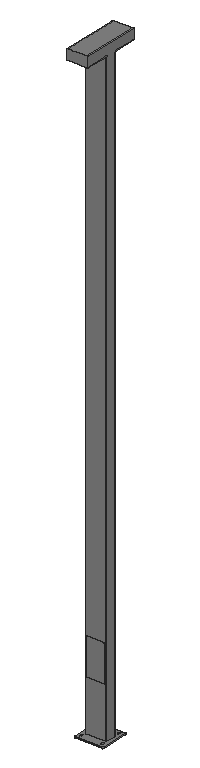
Revit family "Супремус В", category Осветительные приборы, Revit 2019 (continued)
Types (7, lengths in mm): name | Файл фотометрической сетки | built-in parameter 1150105 | Lumens | built-in parameter 1150106 | built-in parameter 1150142 | Wattage | L_общая рассеиватели | ADSK_Фактическая мощность | ADSK_Размер_Высота | ADSK_Номинальная мощность | ADSK_Наименование | ADSK_Масса_Текст | ADSK_Масса | ADSK_Артикул | 2
    9.2 400.1\r\n 401.1 402.0 403.6 405.2 407.2 409.2 410.2 411.7 413.4 414.7 416.0 417.0 417.8 417.8 416.8 414.8 412.3 410.0 407.1 403.0 397.9\r\n 392.1 385.6 378.3 370.7 363.5 356.1 349.1 342.8 337.4 332.5 328.5 324.8 320.4 315.5 310.0 305.0 299.7 293.1 284.6 273.4 260.3\r\n 245.3 228.2 208.9 188.3 167.9 149.8 132.5 115.7 99.6 82.5 64.0 51.6 39.5 31.9 26.4 22.1 19.3 17.1 15.5 14.0 12.6 11.3 10.3 9.3\r\n 8.4 7.6 6.8 6.2 5.6 5.1 4.4 3.9 3.6 3.2 2.8 2.4 2.2 1.9 1.6 1.3 1.2 0.9 0.8 0.7 0.6 0.6 0.6 0.7 0.7 0.7 0.7 0.7 0.7 0.8 0.0 0.0\r\n 0.0 0.0 0.0 0.0 0.0 0.0 0.0 0.0 0.0 0.0 0.0 0.0 0.0 0.0 0.0 0.0 0.0 0.0 0.0 0.0 0.0 0.0 0.0 0.0 0.0 0.0 0.0 0.0 0.0 0.0 0.0 0.0\r\n 0.0 0.0 0.0 0.0 0.0 0.0 0.0 0.0 0.0 0.0 0.0 0.0 0.0 0.0 0.0 0.0 0.0 0.0 0.0 0.0 0.0 0.0 0.0 0.0 0.0 0.0 0.0 0.0 0.0 0.0 0.0 0.0\r\n 0.0 0.0 0.0 0.0 0.0 0.0 0.0 0.0 0.0 0.0 0.0 0.0 0.0 0.0 0.0 0.0 0.0 0.0 0.0 0.0 0.0 0.0 0.0 0.0 0.0 0.0 0.0 0.0 0.0 0.0 0.0 0.0\r\n 0.0 0.0 0.0 0.0 0.0 0.0 0.0 0.0 0.0 0.0 0.0 0.0 0.0 0.0 0.0 0.0 0.0 0.0 0.0 0.0 0.0 0.0 0.0 0.0 0.0 0.0 0.0 0.0 0.0 0.0 0.0 0.0\r\n 0.0 0.0 0.0 0.0 0.0 0.0 0.0 0.0 0.0 0.0 0.0 0.0 0.0 0.0 0.0 0.0 0.0 0.0 0.0 0.0 0.0 0.0 0.0 0.0 0.0 0.0 0.0 0.0 0.0 0.0\r\n275.6 275.9 275.9 275.9 276.1 276.2 276.1 276.0 275.6 275.4 275.3 274.9 274.7 274.4 274.1 273.9 273.5 273.1 272.7 272.5 272.2\r\n 271.9 271.8 271.5 271.3 271.2 271.0 270.9 271.0 270.9 271.1 271.3 271.5 271.8 272.3 272.7 273.5 273.9 274.7 275.3 276.3 277.2\r\n 277.9 278.9 280.0 281.0 282.0 283.2 284.2 285.2 286.5 287.6 288.8 290.0 291.1 292.4 293.7 295.0 296.4 297.6 299.1 300.6 302.0\r\n 303.6 305.0 306.7 308.3 310.0 311.8 313.6 315.4 317.0 319.0 320.9 322.9 324.9 327.0 328.8 330.8 332.9 335.0 337.3 339.9 342.5\r\n 344.8 347.5 349.7 350.2 352.0 353.9 355.1 356.5 357.5 358.5 359.3 360.6 362.1 363.6 365.1 366.6 368.0 369.8 371.6 372.9 374.0\r\n 374.7 376.0 377.3 378.9 380.4 381.5 382.5 383.8 385.1 386.3 386.8 387.7 388.6 389.1 389.2 388.7 387.5 386.3 384.6 382.1 378.5\r\n 374.1 368.3 362.7 357.3 351.5 345.7 340.1 334.9 329.5 323.9 319.0 314.5 309.7 305.3 300.4 295.4 289.8 282.5 273.4 262.4 249.6\r\n 235.5 219.0 200.0 180.6 161.7 144.4 127.0 109.6 93.3 75.9 58.4 44.9 34.5 26.9 21.5 17.7 15.4 13.7 12.3 11.1 10.0 9.0 8.2 7.4 6.8\r\n 6.2 5.7 5.2 4.8 4.4 3.9 3.5 3.2 2.8 2.5 2.2 2.0 1.8 1.5 1.4 1.2 1.0 0.8 0.8 0.7 0.7 0.7 0.7 0.8 0.8 0.8 0.8 0.8 0.8 0.0 0.0 0.0\r\n 0.0 0.0 0.0 0.0 0.0 0.0 0.0 0.0 0.0 0.0 0.0 0.0 0.0 0.0 0.0 0.0 0.0 0.0 0.0 0.0 0.0 0.0 0.0 0.0 0.0 0.0 0.0 0.0 0.0 0.0 0.0 0.0\r\n 0.0 0.0 0.0 0.0 0.0 0.0 0.0 0.0 0.0 0.0 0.0 0.0 0.0 0.0 0.0 0.0 0.0 0.0 0.0 0.0 0.0 0.0 0.0 0.0 0.0 0.0 0.0 0.0 0.0 0.0 0.0 0.0\r\n 0.0 0.0 0.0 0.0 0.0 0.0 0.0 0.0 0.0 0.0 0.0 0.0 0.0 0.0 0.0 0.0 0.0 0.0 0.0 0.0 0.0 0.0 0.0 0.0 0.0 0.0 0.0 0.0 0.0 0.0 0.0 0.0\r\n 0.0 0.0 0.0 0.0 0.0 0.0 0.0 0.0 0.0 0.0 0.0 0.0 0.0 0.0 0.0 0.0 0.0 0.0 0.0 0.0 0.0 0.0 0.0 0.0 0.0 0.0 0.0 0.0 0.0 0.0 0.0 0.0\r\n 0.0 0.0 0.0 0.0 0.0 0.0 0.0 0.0 0.0 0.0 0.0 0.0 0.0 0.0 0.0 0.0 0.0 0.0 0.0 0.0 0.0 0.0 0.0 0.0 0.0 0.0 0.0 0.0 0.0\r\n275.6 275.5 275.4 275.2 275.1 274.8 274.6 274.2 273.9 273.4 273.0 272.6 272.0 271.5 271.0 270.5 269.9 269.4 269.0 268.4 267.9\r\n 267.5 267.0 266.7 266.4 266.0 265.5 265.3 265.1 264.8 264.7 264.8 264.8 265.0 265.3 265.5 265.9 266.4 266.8 267.3 268.0 268.9\r\n 269.6 270.4 271.2 271.9 272.7 273.8 274.8 275.8 276.9 277.9 279.0 280.1 281.4 282.4 283.5 284.8 286.2 287.5 288.8 290.0 291.5\r\n 293.0 294.1 295.7 297.2 298.7 300.0 301.6 303.2 304.6 306.1 307.7 309.3 311.1 312.7 314.3 315.6 317.0 318.5 320.1 321.9 323.2\r\n 325.1 326.5 328.9 329.6 330.9 332.8 333.4 334.5 335.4 336.1 336.4 337.5 338.5 339.7 340.8 342.3 343.7 345.0 346.3 347.5 348.4\r\n 349.4 350.3 351.4 352.5 353.0 353.4 354.0 354.5 354.8 355.1 355.5 355.2 355.3 355.7 355.8 355.7 355.4 354.7 353.4 352.1 349.8\r\n 346.1 341.5 337.2 332.5 328.3 323.6 319.3 316.1 311.5 306.3 301.9 296.6 291.7 286.0 280.4 274.6 268.5 262.0 253.9 244.5 233.3\r\n 221.2 207.7 192.1 176.5 159.7 142.6 125.5 108.4 91.4 75.0 57.3 42.7 31.6 24.1 18.5 15.1 13.1 11.7 10.6 9.6 8.7 7.9 7.3 6.6 6.1\r\n 5.6 5.1 4.6 4.2 3.7 3.2 2.9 2.7 2.4 2.2 2.1 2.0 1.9 1.7 1.5 1.4 1.2 1.0 1.0 0.9 0.9 0.9 1.0 1.0 1.0 1.1 1.1 1.1 1.2 0.0 0.0 0.0\r\n 0.0 0.0 0.0 0.0 0.0 0.0 0.0 0.0 0.0 0.0 0.0 0.0 0.0 0.0 0.0 0.0 0.0 0.0 0.0 0.0 0.0 0.0 0.0 0.0 0.0 0.0 0.0 0.0 0.0 0.0 0.0 0.0\r\n 0.0 0.0 0.0 0.0 0.0 0.0 0.0 0.0 0.0 0.0 0.0 0.0 0.0 0.0 0.0 0.0 0.0 0.0 0.0 0.0 0.0 0.0 0.0 0.0 0.0 0.0 0.0 0.0 0.0 0.0 0.0 0.0\r\n 0.0 0.0 0.0 0.0 0.0 0.0 0.0 0.0 0.0 0.0 0.0 0.0 0.0 0.0 0.0 0.0 0.0 0.0 0.0 0.0 0.0 0.0 0.0 0.0 0.0 0.0 0.0 0.0 0.0 0.0 0.0 0.0\r\n 0.0 0.0 0.0 0.0 0.0 0.0 0.0 0.0 0.0 0.0 0.0 0.0 0.0 0.0 0.0 0.0 0.0 0.0 0.0 0.0 0.0 0.0 0.0 0.0 0.0 0.0 0.0 0.0 0.0 0.0 0.0 0.0\r\n 0.0 0.0 0.0 0.0 0.0 0.0 0.0 0.0 0.0 0.0 0.0 0.0 0.0 0.0 0.0 0.0 0.0 0.0 0.0 0.0 0.0 0.0 0.0 0.0 0.0 0.0 0.0 0.0 0.0\r\n275.6 275.2 274.8 274.5 274.1 273.7 273.3 272.7 272.1 271.5 270.9 270.2 269.6 268.8 268.0 267.4 266.7 265.9 265.2 264.6 263.9\r\n 263.2 262.7 262.0 261.5 261.0 260.2 259.7 259.3 258.9 258.5 258.2 258.0 257.8 257.9 258.0 258.2 258.5 258.9 259.3 259.7 260.2\r\n 260.6 261.2 261.9 262.6 263.6 264.3 265.1 265.9 266.7 267.6 268.7 269.6 270.4 271.4 272.4 273.6 274.5 275.5 276.7 277.8 278.9\r\n 279.9 281.0 281.9 283.0 284.2 285.3 286.6 287.9 289.1 290.4 291.6 293.0 294.4 295.7 297.0 298.1 299.3 300.3 301.6 303.1 304.5\r\n 305.7 306.4 307.5 308.5 308.8 310.2 310.4 310.8 311.3 311.7 311.7 311.9 312.4 312.9 313.4 314.1 314.9 315.7 316.7 317.8 318.6\r\n 319.6 320.7 321.8 323.0 323.9 324.8 325.4 325.7 325.9 325.9 325.7 325.2 324.1 323.4 322.7 322.4 321.9 321.7 320.8 320.2 318.7\r\n 316.2 312.5 308.6 304.5 300.4 296.1 291.9 288.4 284.8 280.5 276.1 270.5 265.2 259.7 254.2 248.0 241.8 235.6 229.7 222.5 213.7\r\n 203.0 191.4 179.5 166.1 151.6 135.6 119.2 102.1 85.7 71.4 58.3 45.2 32.2 23.9 17.9 14.1 12.0 10.7 9.6 8.7 7.9 7.2 6.6 6.1 5.7 5.2\r\n 4.8 4.4 4.0 3.5 3.2 2.9 2.7 2.5 2.3 2.2 2.1 1.9 1.8 1.6 1.5 1.2 1.0 1.0 0.9 0.9 1.0 1.0 1.0 1.0 1.1 1.1 1.2 1.2 0.0 0.0 0.0 0.0\r\n 0.0 0.0 0.0 0.0 0.0 0.0 0.0 0.0 0.0 0.0 0.0 0.0 0.0 0.0 0.0 0.0 0.0 0.0 0.0 0.0 0.0 0.0 0.0 0.0 0.0 0.0 0.0 0.0 0.0 0.0 0.0 0.0\r\n 0.0 0.0 0.0 0.0 0.0 0.0 0.0 0.0 0.0 0.0 0.0 0.0 0.0 0.0 0.0 0.0 0.0 0.0 0.0 0.0 0.0 0.0 0.0 0.0 0.0 0.0 0.0 0.0 0.0 0.0 0.0 0.0\r\n 0.0 0.0 0.0 0.0 0.0 0.0 0.0 0.0 0.0 0.0 0.0 0.0 0.0 0.0 0.0 0.0 0.0 0.0 0.0 0.0 0.0 0.0 0.0 0.0 0.0 0.0 0.0 0.0 0.0 0.0 0.0 0.0\r\n 0.0 0.0 0.0 0.0 0.0 0.0 0.0 0.0 0.0 0.0 0.0 0.0 0.0 0.0 0.0 0.0 0.0 0.0 0.0 0.0 0.0 0.0 0.0 0.0 0.0 0.0 0.0 0.0 0.0 0.0 0.0 0.0\r\n 0.0 0.0 0.0 0.0 0.0 0.0 0.0 0.0 0.0 0.0 0.0 0.0 0.0 0.0 0.0 0.0 0.0 0.0 0.0 0.0 0.0 0.0 0.0 0.0 0.0 0.0 0.0 0.0\r\n275.6 275.2 274.5 274.0 273.4 272.7 272.1 271.4 270.5 269.9 269.0 268.1 267.4 266.4 265.5 264.6 263.7 262.7 261.8 261.0 260.0\r\n 259.0 258.2 257.4 256.6 255.8 255.1 254.4 253.6 253.0 252.5 251.7 250.9 250.6 250.4 250.0 249.8 249.9 250.2 250.3 250.3 250.4\r\n 250.6 250.8 251.3 251.7 252.2 252.6 253.0 253.6 254.0 254.3 254.9 255.4 255.9 256.6 257.1 257.7 258.1 258.8 259.4 260.0 260.6\r\n 261.5 262.0 262.7 263.2 264.0 264.8 265.6 266.5 267.4 268.5 269.4 270.1 270.9 271.8 272.7 273.5 274.3 275.1 276.2 277.2 278.4\r\n 279.3 280.0 280.5 281.4 282.5 283.0 283.9 284.0 284.3 284.8 285.1 284.9 284.9 285.3 285.8 286.0 286.3 286.7 287.1 287.7 288.3\r\n 289.0 289.8 290.8 291.9 293.1 294.0 295.0 295.8 296.3 296.6 296.7 296.3 295.7 294.9 293.8 292.9 292.1 291.7 291.1 290.0 289.0\r\n 287.3 284.7 281.3 277.5 273.9 270.2 266.6 262.9 259.0 255.9 252.6 248.2 243.2 238.1 232.5 225.7 218.5 209.9 202.3 196.5 191.3\r\n 185.1 177.2 168.1 157.3 145.9 131.6 117.3 103.1 87.9 74.3 62.3 50.9 40.6 31.5 23.6 17.7 13.9 11.5 10.2 9.1 8.3 7.5 6.8 6.3 5.8\r\n 5.4 5.0 4.6 4.1 3.6 3.2 2.9 2.8 2.6 2.5 2.4 2.4 2.3 2.0 1.6 1.4 1.2 1.0 1.0 0.9 1.0 1.0 1.0 1.1 1.1 1.1 1.2 1.2 1.2 0.0 0.0 0.0\r\n 0.0 0.0 0.0 0.0 0.0 0.0 0.0 0.0 0.0 0.0 0.0 0.0 0.0 0.0 0.0 0.0 0.0 0.0 0.0 0.0 0.0 0.0 0.0 0.0 0.0 0.0 0.0 0.0 0.0 0.0 0.0 0.0\r\n 0.0 0.0 0.0 0.0 0.0 0.0 0.0 0.0 0.0 0.0 0.0 0.0 0.0 0.0 0.0 0.0 0.0 0.0 0.0 0.0 0.0 0.0 0.0 0.0 0.0 0.0 0.0 0.0 0.0 0.0 0.0 0.0\r\n 0.0 0.0 0.0 0.0 0.0 0.0 0.0 0.0 0.0 0.0 0.0 0.0 0.0 0.0 0.0 0.0 0.0 0.0 0.0 0.0 0.0 0.0 0.0 0.0 0.0 0.0 0.0 0.0 0.0 0.0 0.0 0.0\r\n 0.0 0.0 0.0 0.0 0.0 0.0 0.0 0.0 0.0 0.0 0.0 0.0 0.0 0.0 0.0 0.0 0.0 0.0 0.0 0.0 0.0 0.0 0.0 0.0 0.0 0.0 0.0 0.0 0.0 0.0 0.0 0.0\r\n 0.0 0.0 0.0 0.0 0.0 0.0 0.0 0.0 0.0 0.0 0.0 0.0 0.0 0.0 0.0 0.0 0.0 0.0 0.0 0.0 0.0 0.0 0.0 0.0 0.0 0.0 0.0 0.0 0.0\r\n275.6 274.9 274.1 273.4 272.6 271.6 270.9 270.0 269.1 267.9 267.0 266.0 264.9 263.8 262.7 261.5 260.3 259.2 258.0 257.0 255.9\r\n 254.7 253.6 252.7 251.6 250.7 249.7 248.8 247.9 247.1 245.9 244.9 244.2 243.3 242.5 242.0 241.4 241.0 240.6 240.0 239.5 239.2\r\n 238.7 238.6 238.4 238.3 238.1 238.0 237.8 237.8 237.7 237.7 237.5 237.6 237.8 238.0 238.2 238.6 238.9 239.2 239.5 239.7 240.0\r\n 240.4 240.9 241.4 242.1 242.9 243.5 244.3 245.0 245.6 246.3 246.9 247.5 248.1 248.8 249.5 250.2 250.8 251.8 252.6 253.6 254.4\r\n 255.2 255.5 256.3 256.8 257.6 258.5 258.9 259.5 259.7 259.9 260.6 260.8 260.5 260.3 260.4 260.6 260.5 260.5 260.7 260.6 260.5\r\n 260.6 260.6 260.7 261.2 261.8 262.4 263.0 263.8 264.3 264.6 264.7 264.6 264.0 263.4 262.7 262.0 261.2 260.4 259.8 258.8 257.1\r\n 255.2 253.2 250.9 248.1 245.2 242.2 238.9 235.4 231.8 228.0 224.5 221.2 217.6 213.2 208.2 202.7 196.6 189.7 181.9 173.9 167.8\r\n 162.9 158.6 153.5 146.8 139.1 129.4 118.5 106.0 92.3 77.8 64.8 54.3 43.9 36.1 29.8 24.6 20.2 16.1 13.1 11.1 9.6 8.6 7.8 7.2 6.6\r\n 6.1 5.6 5.0 4.5 3.9 3.5 3.2 2.9 2.6 2.4 2.3 2.3 2.1 2.0 1.6 1.5 1.2 1.1 1.0 0.9 1.0 1.0 1.0 1.0 1.1 1.1 1.2 1.2 1.2 0.0 0.0 0.0\r\n 0.0 0.0 0.0 0.0 0.0 0.0 0.0 0.0 0.0 0.0 0.0 0.0 0.0 0.0 0.0 0.0 0.0 0.0 0.0 0.0 0.0 0.0 0.0 0.0 0.0 0.0 0.0 0.0 0.0 0.0 0.0 0.0\r\n 0.0 0.0 0.0 0.0 0.0 0.0 0.0 0.0 0.0 0.0 0.0 0.0 0.0 0.0 0.0 0.0 0.0 0.0 0.0 0.0 0.0 0.0 0.0 0.0 0.0 0.0 0.0 0.0 0.0 0.0 0.0 0.0\r\n 0.0 0.0 0.0 0.0 0.0 0.0 0.0 0.0 0.0 0.0 0.0 0.0 0.0 0.0 0.0 0.0 0.0 0.0 0.0 0.0 0.0 0.0 0.0 0.0 0.0 0.0 0.0 0.0 0.0 0.0 0.0 0.0\r\n 0.0 0.0 0.0 0.0 0.0 0.0 0.0 0.0 0.0 0.0 0.0 0.0 0.0 0.0 0.0 0.0 0.0 0.0 0.0 0.0 0.0 0.0 0.0 0.0 0.0 0.0 0.0 0.0 0.0 0.0 0.0 0.0\r\n 0.0 0.0 0.0 0.0 0.0 0.0 0.0 0.0 0.0 0.0 0.0 0.0 0.0 0.0 0.0 0.0 0.0 0.0 0.0 0.0 0.0 0.0 0.0 0.0 0.0 0.0 0.0 0.0 0.0\r\n275.6 274.7 273.7 272.6 271.7 270.8 269.7 268.7 267.4 266.2 265.1 263.9 262.4 261.3 259.9 258.5 257.2 255.8 254.5 253.2 251.8\r\n 250.4 249.3 248.0 246.8 245.5 244.4 243.1 241.9 240.3 238.9 237.6 236.0 234.7 233.4 232.4 231.2 230.0 228.6 227.5 226.3 225.4\r\n 224.6 223.8 223.1 222.4 221.8 221.1 220.7 220.3 220.1 219.9 219.8 219.8 219.7 219.8 219.9 220.2 220.4 220.6 220.9 221.1 221.4\r\n 222.0 222.6 222.9 223.4 223.7 224.1 224.6 224.9 225.0 225.3 225.3 225.3 225.4 225.6 225.9 226.1 226.2 226.4 226.9 227.3 227.9\r\n 228.4 228.7 228.8 229.1 229.3 229.5 230.1 230.8 230.4 230.2 229.8 229.9 230.0 229.5 228.6 228.0 227.7 227.4 226.9 226.6 226.2\r\n 225.8 225.6 225.4 225.3 225.4 225.5 225.5 225.8 226.1 226.4 226.8 226.6 225.9 225.0 224.1 223.4 223.1 222.7 222.1 221.1 219.6\r\n 217.8 216.1 214.2 211.9 209.6 206.8 203.9 200.7 197.0 193.3 188.9 184.4 179.4 174.3 169.2 163.7 157.6 151.1 144.4 137.2 131.4\r\n 125.5 119.7 116.6 114.3 111.9 107.8 102.8 96.2 88.2 78.4 67.9 57.8 48.5 40.8 34.2 28.7 24.7 21.6 19.0 16.6 14.3 11.7 9.9 8.7 7.8\r\n 7.0 6.4 5.8 5.2 4.7 4.2 3.7 3.4 3.0 2.8 2.6 2.5 2.2 2.0 1.8 1.6 1.5 1.2 1.1 1.0 1.0 1.0 1.0 1.0 1.1 1.1 1.2 1.2 1.2 0.0 0.0 0.0\r\n 0.0 0.0 0.0 0.0 0.0 0.0 0.0 0.0 0.0 0.0 0.0 0.0 0.0 0.0 0.0 0.0 0.0 0.0 0.0 0.0 0.0 0.0 0.0 0.0 0.0 0.0 0.0 0.0 0.0 0.0 0.0 0.0\r\n 0.0 0.0 0.0 0.0 0.0 0.0 0.0 0.0 0.0 0.0 0.0 0.0 0.0 0.0 0.0 0.0 0.0 0.0 0.0 0.0 0.0 0.0 0.0 0.0 0.0 0.0 0.0 0.0 0.0 0.0 0.0 0.0\r\n 0.0 0.0 0.0 0.0 0.0 0.0 0.0 0.0 0.0 0.0 0.0 0.0 0.0 0.0 0.0 0.0 0.0 0.0 0.0 0.0 0.0 0.0 0.0 0.0 0.0 0.0 0.0 0.0 0.0 0.0 0.0 0.0\r\n 0.0 0.0 0.0 0.0 0.0 0.0 0.0 0.0 0.0 0.0 0.0 0.0 0.0 0.0 0.0 0.0 0.0 0.0 0.0 0.0 0.0 0.0 0.0 0.0 0.0 0.0 0.0 0.0 0.0 0.0 0.0 0.0\r\n 0.0 0.0 0.0 0.0 0.0 0.0 0.0 0.0 0.0 0.0 0.0 0.0 0.0 0.0 0.0 0.0 0.0 0.0 0.0 0.0 0.0 0.0 0.0 0.0 0.0 0.0 0.0 0.0 0.0\r\n275.6 274.6 273.4 272.1 271.1 269.8 268.5 267.3 266.0 264.4 263.0 261.6 260.1 258.8 257.1 255.6 254.0 252.5 251.0 249.5 247.9\r\n 246.5 244.8 243.1 241.4 239.7 238.0 236.4 234.5 232.3 230.5 228.7 226.9 224.8 223.1 221.6 219.9 218.2 216.4 214.9 213.4 212.4\r\n 211.4 210.5 209.4 208.6 208.0 207.3 206.6 206.1 205.7 205.5 205.2 205.0 204.9 204.4 204.3 204.2 204.2 204.0 204.0 204.1 204.1\r\n 203.9 203.8 203.8 203.4 203.3 203.0 202.6 202.3 201.7 201.2 200.7 199.9 199.2 198.8 198.2 197.8 197.1 196.7 196.3 196.0 195.8\r\n 195.8 195.7 195.7 195.5 195.5 195.4 195.3 195.3 195.4 195.5 195.0 194.3 194.0 193.8 193.5 192.7 191.5 190.9 190.5 189.9 189.4\r\n 188.9 188.5 188.2 187.9 187.7 187.4 187.2 187.0 187.1 187.0 186.8 186.7 186.5 186.2 185.5 184.8 184.0 183.3 182.8 181.7 180.7\r\n 179.5 178.0 176.6 175.4 174.2 172.8 171.0 169.2 167.1 164.8 162.5 159.4 155.3 150.6 145.3 139.8 134.3 128.4 122.4 115.1 107.4\r\n 99.8 93.2 88.1 84.4 81.5 78.5 75.9 73.3 70.2 65.2 60.2 55.2 49.6 44.0 38.8 33.8 29.2 25.2 22.1 19.6 17.3 15.4 13.8 12.2 10.6 9.1\r\n 8.1 7.3 6.6 5.9 5.2 4.7 4.2 3.8 3.4 3.1 2.8 2.6 2.3 2.0 1.8 1.6 1.5 1.5 1.3 1.3 1.2 1.1 1.1 1.1 1.1 1.1 1.1 1.2 0.0 0.0 0.0 0.0\r\n 0.0 0.0 0.0 0.0 0.0 0.0 0.0 0.0 0.0 0.0 0.0 0.0 0.0 0.0 0.0 0.0 0.0 0.0 0.0 0.0 0.0 0.0 0.0 0.0 0.0 0.0 0.0 0.0 0.0 0.0 0.0 0.0\r\n 0.0 0.0 0.0 0.0 0.0 0.0 0.0 0.0 0.0 0.0 0.0 0.0 0.0 0.0 0.0 0.0 0.0 0.0 0.0 0.0 0.0 0.0 0.0 0.0 0.0 0.0 0.0 0.0 0.0 0.0 0.0 0.0\r\n 0.0 0.0 0.0 0.0 0.0 0.0 0.0 0.0 0.0 0.0 0.0 0.0 0.0 0.0 0.0 0.0 0.0 0.0 0.0 0.0 0.0 0.0 0.0 0.0 0.0 0.0 0.0 0.0 0.0 0.0 0.0 0.0\r\n 0.0 0.0 0.0 0.0 0.0 0.0 0.0 0.0 0.0 0.0 0.0 0.0 0.0 0.0 0.0 0.0 0.0 0.0 0.0 0.0 0.0 0.0 0.0 0.0 0.0 0.0 0.0 0.0 0.0 0.0 0.0 0.0\r\n 0.0 0.0 0.0 0.0 0.0 0.0 0.0 0.0 0.0 0.0 0.0 0.0 0.0 0.0 0.0 0.0 0.0 0.0 0.0 0.0 0.0 0.0 0.0 0.0 0.0 0.0 0.0 0.0\r\n275.6 274.4 273.0 271.7 270.3 269.0 267.5 266.1 264.5 262.9 261.3 259.7 258.0 256.4 254.6 252.9 251.3 249.4 247.8 245.9 244.0\r\n 242.0 240.0 237.8 235.5 233.2 231.0 228.7 226.1 223.7 221.8 219.6 217.5 215.5 213.8 212.3 210.5 208.7 206.9 205.4 203.9 202.7\r\n 201.5 200.2 199.0 197.6 196.3 195.0 193.6 192.4 191.5 190.5 189.6 188.9 188.3 187.4 186.7 186.2 185.6 185.1 184.4 183.7 183.0\r\n 182.0 181.1 180.1 179.2 178.2 176.9 175.7 174.6 173.5 172.6 171.7 170.9 170.0 169.0 168.3 167.4 166.6 165.9 165.1 164.3 163.6\r\n 162.7 161.8 161.2 160.3 159.6 159.0 158.3 157.4 156.7 156.1 155.4 154.8 154.4 153.4 152.6 152.1 151.6 150.6 149.5 148.3 147.4\r\n 146.6 145.5 144.7 143.8 143.0 142.4 142.0 141.7 141.4 141.3 141.2 141.1 140.9 140.5 140.0 139.4 138.7 138.1 137.5 136.9 136.1\r\n 135.1 134.4 133.6 132.6 131.9 130.8 129.3 128.1 127.1 125.5 124.1 122.5 120.8 118.8 116.6 113.6 110.3 106.0 101.5 96.1 90.3 84.8\r\n 78.4 71.8 65.7 60.8 56.8 53.2 50.0 47.0 44.8 43.3 41.9 40.1 37.9 35.8 33.8 32.0 30.2 28.2 26.1 24.0 21.7 19.4 17.3 15.6 14.1 12.7\r\n 11.4 10.3 9.3 8.3 7.4 6.3 5.1 4.4 4.0 3.6 3.1 2.7 2.4 2.2 2.0 1.9 2.1 1.9 1.9 1.6 1.4 1.3 1.2 1.1 1.2 1.2 1.2 0.0 0.0 0.0 0.0 0.0\r\n 0.0 0.0 0.0 0.0 0.0 0.0 0.0 0.0 0.0 0.0 0.0 0.0 0.0 0.0 0.0 0.0 0.0 0.0 0.0 0.0 0.0 0.0 0.0 0.0 0.0 0.0 0.0 0.0 0.0 0.0 0.0 0.0\r\n 0.0 0.0 0.0 0.0 0.0 0.0 0.0 0.0 0.0 0.0 0.0 0.0 0.0 0.0 0.0 0.0 0.0 0.0 0.0 0.0 0.0 0.0 0.0 0.0 0.0 0.0 0.0 0.0 0.0 0.0 0.0 0.0\r\n 0.0 0.0 0.0 0.0 0.0 0.0 0.0 0.0 0.0 0.0 0.0 0.0 0.0 0.0 0.0 0.0 0.0 0.0 0.0 0.0 0.0 0.0 0.0 0.0 0.0 0.0 0.0 0.0 0.0 0.0 0.0 0.0\r\n 0.0 0.0 0.0 0.0 0.0 0.0 0.0 0.0 0.0 0.0 0.0 0.0 0.0 0.0 0.0 0.0 0.0 0.0 0.0 0.0 0.0 0.0 0.0 0.0 0.0 0.0 0.0 0.0 0.0 0.0 0.0 0.0\r\n 0.0 0.0 0.0 0.0 0.0 0.0 0.0 0.0 0.0 0.0 0.0 0.0 0.0 0.0 0.0 0.0 0.0 0.0 0.0 0.0 0.0 0.0 0.0 0.0 0.0 0.0 0.0\r\n275.6 274.2 272.5 271.1 269.7 268.0 266.5 264.8 263.0 261.3 259.6 257.7 255.8 254.0 252.2 250.3 248.2 246.3 244.2 241.8 239.5\r\n 236.9 234.2 231.3 228.6 225.9 223.4 220.9 218.2 215.8 213.9 212.1 210.2 208.3 206.6 204.9 203.1 200.8 198.8 196.8 194.9 193.1\r\n 191.4 189.6 187.9 186.1 184.2 182.6 180.8 179.1 177.3 175.6 174.0 172.2 170.5 168.9 167.6 166.3 164.9 163.6 162.2 160.9 159.6\r\n 158.4 156.9 155.3 153.8 152.3 150.8 149.5 148.4 147.2 146.2 145.2 144.2 143.1 142.3 141.4 140.4 139.4 138.2 13
